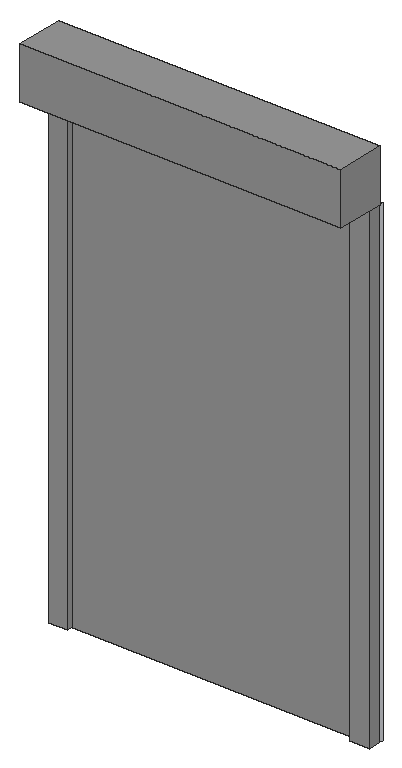
Revit family "Małkowski Martech_Brama_Marc-Ok EI60", category Drzwi, Revit 2019
Family settings
  Numer OmniClass = 23.30.10.00
  Tytuł OmniClass = Doors
  Oparty na płaszczyźnie roboczej = Nie
  Zawsze pionowo = Nie
  Tnij formami wycięć po wczytaniu = Nie
  Współdzielony = Nie
  Punkt obliczania pomieszczeń = Nie
Parameters (values of type "Kaseta wału do nadproża, lewa prowadnica korytarzowo, prawa prowadnica korytarzowo")
  Zespół osłon = "blacha stalowa 0,7mm"  # constant formula
  Wysokość parapetu [instance] = 80 mm
  Wysokość otworu w murze Ho [instance] = 3000 mm
  Wysokość otworu [instance] = if(Wysokość otworu w murze Ho < 100 mm, 100 mm, if(Wysokość otworu w murze Ho > 10000 mm, 10000 mm, Wysokość otworu w murze Ho))  # 3000 mm
  Wysokość kasety Hk [instance] = size_lookup("Marc OK EI60", if(Napęd OG, "EI60 Szerokość kasety SK Napęd grawitacyjny", "EI60 Szerokość kasety SK Napęd"), 0 mm - 25 mm, if(roundup(Szerokość otworu / 500 mm - 1) * 1 mm = 0 mm, 1 mm, roundup(Szerokość otworu / 500 mm - 1) * 1 mm), if(roundup(Wysokość otworu / 250 mm - 3) * 1 mm = 0 mm, 1 mm, roundup(Wysokość otworu / 250 mm - 3) * 1 mm)) + 25 mm  # 325 mm
  Wysokość kasety [instance] = if(Kaseta wału montowana do stropu, Wysokość otworu - Wysokość kasety Hk, Wysokość otworu)  # 3000 mm
  Height = 0 mm
  Wymiar prowadnicy [instance] = if(and(Szerokość otworu > 6000 mm, Wysokość otworu > 2000 mm), 140 mm, 120 mm)  # 120 mm
  Wspornik wału = "blacha stalowa ocynkowana 4,0mm"  # constant formula
  Wał nawojowy = "rura stalowa okrągła, średnica zależna od wymiarów kurtyny"  # constant formula
  Użyteczna wysokość otworu [instance] = if(Kaseta wału montowana do stropu, Wysokość otworu - Wysokość kasety Hk, Wysokość otworu)  # 3000 mm
  Użyteczna szerokość otworu [instance] = if(and(Lewa prowadnica montowana korytarzowo, Prawa prowadnica montowana korytarzowo), Szerokość otworu - 2 * Wymiar prowadnicy, if(or(Lewa prowadnica montowana korytarzowo, Prawa prowadnica montowana korytarzowo), Szerokość otworu - Wymiar prowadnicy, Szerokość otworu))  # 1760 mm
  Typ napędu (Kod) [instance] = size_lookup("Marc OK EI60", if(Napęd OG, "EI60 Napęd grawitacyjny funkcja", "EI60 Napęd funkcja"), "Podane wymiary otworu nie są kompatybilne z kartą katalogową.", if(roundup(Szerokość otworu / 500 mm - 1) * 1 mm = 0 mm, 1 mm, roundup(Szerokość otworu / 500 mm - 1) * 1 mm), if(roundup(Wysokość otworu / 250 mm - 3) * 1 mm = 0 mm, 1 mm, roundup(Wysokość otworu / 250 mm - 3) * 1 mm))  # "W"
  Typ napędu [instance] = Napęd - opad grawitacyjny : Napęd - opad grawitacyjny
  URL = "https://www.malkowski.pl/pl/marc-ok-plus-bramy-kurtynowe"
  Typ budowy = "Kurtyna przeciwpożarowa"  # constant formula
  Szerokość otworu w murze So [instance] = 2000 mm
  Szerokość otworu [instance] = if(Napęd ON, if(Szerokość otworu w murze So < 601 mm, 601 mm, if(Szerokość otworu w murze So > 12000 mm, 12000 mm, Szerokość otworu w murze So)), if(Szerokość otworu w murze So < 750 mm, 750 mm, if(Szerokość otworu w murze So > 12000 mm, 12000 mm, Szerokość otworu w murze So)))  # 2000 mm
  Szerokość kasety Sk [instance] = size_lookup("Marc OK EI60", if(Napęd OG, "EI60 Szerokość kasety SK Napęd grawitacyjny", "EI60 Szerokość kasety SK Napęd"), 0 mm, if(roundup(Szerokość otworu / 500 mm - 1) * 1 mm = 0 mm, 1 mm, roundup(Szerokość otworu / 500 mm - 1) * 1 mm), if(roundup(Wysokość otworu / 250 mm - 3) * 1 mm = 0 mm, 1 mm, roundup(Wysokość otworu / 250 mm - 3) * 1 mm))  # 300 mm
  Sygnalizator [instance] = no
  Strona montażu napędu (Kod) [instance] = if(Montaż L, "L", "P")  # "L"
  Strona montażu napędu [instance] = Montaż z lewej : Montaż z lewej
  Płaszcz kurtyny = "elastyczny, 3-warstwowy płaszcz, grubość 10mm, kolor szary"  # constant formula
  Przełącznk kluczykowy z sygnalizacją [instance] = no
  Prowadnica = "wnętrze blacha stalowa ocynkowana 1,5-2,0mm, maskownica blacha 0,7mm"  # constant formula
  Producent = "Małkowski - Martech S.A."  # constant formula
  Prawa prowadnica montowana naściennie = no
  Prawa prowadnica montowana korytarzowo = yes
  Poziome odsunięcie prowadnicy lewej [instance] = if(Lewa prowadnica montowana korytarzowo, 0 mm, Wymiar prowadnicy)  # 0 mm
  Poziome odsunięcie prowadnicy prawej [instance] = if(Prawa prowadnica montowana korytarzowo, 0 mm, Wymiar prowadnicy)  # 0 mm
  Pole serwisowe [instance] = no
  Parapet [instance] = no
  Keynote = ""  # constant formula
  Okapnik [instance] = no
  Odporność ogniowa = "EI60"  # constant formula
  Obraz typu = 062-700x600-px-scale-730-547.jpg
  Napęd xON [instance] = Napęd - opad grawitacyjny : Napęd - opad grawitacyjny
  Napęd xOG [instance] = Napęd - opad grawitacyjny : Napęd - opad grawitacyjny
  Napęd ON [instance] = Typ napędu = Napęd xON  # yes
  Napęd OG [instance] = Typ napędu = Napęd xOG  # yes
  Montaż xP [instance] = Montaż z lewej : Montaż z lewej
  Montaż xL [instance] = Montaż z lewej : Montaż z lewej
  Montaż prawej prowadnicy = " "  # constant formula
  Montaż napędu z prawej = yes
  Montaż napędu z lewej = yes
  Montaż lewej prowadnicy = " "  # constant formula
  Montaż kasety wału = " "  # constant formula
  Montaż P [instance] = Strona montażu napędu = Montaż xP  # yes
  Montaż L [instance] = Strona montażu napędu = Montaż xL  # yes
  Model = "OK 60 - N - KK"
  Materiał prowadnicy [instance] = Małkowski-Martech_Szary
  Materiał kasety [instance] = Małkowski-Martech_Szary
  Lewa prowadnica montowana naściennie = no
  Lewa prowadnica montowana korytarzowo = yes
  Komentarz do konfiguracji [instance] = if(or(or(Wysokość otworu w murze Ho < 100 mm, Wysokość otworu w murze Ho > 10000 mm), and(Napęd ON, or(Szerokość otworu w murze So < 601 mm, Szerokość otworu w murze So > 12000 mm)), and(Napęd OG, or(Szerokość otworu w murze So < 750 mm, Szerokość otworu w murze So > 12000 mm))), "Podane wymiary otworu nie są kompatybilne z kartą katalogową", "Wprowadzono poprawne wymiary")  # "Wprowadzono poprawne wymiary"
  Klasa trwałości [instance] = C2 (10000-50000) : C2 (10000-50000)
  Klasa odporności na obciążenie wiatrem [instance] = Klasa 2 : Klasa 2
  Kaseta wału montowana do stropu = no
  Kaseta wału montowana do nadproża = yes
  IfcExportAs = "IfcDoor"  # constant formula
  Głębokość prowadnicy [instance] = 80 mm  # constant formula
  Głębokość prawej prowadnicy [instance] = if(Prawa prowadnica montowana korytarzowo, 40 mm, 20 mm)  # 40 mm
  Głębokość lewej prowadnicy [instance] = if(Lewa prowadnica montowana korytarzowo, 40 mm, 20 mm)  # 40 mm
  Grubość ściany [instance] = 300 mm
  Zakończenie ściany = Wg obiektu nadrzędnego
  Szerokosć kurtyny [instance] = if(and(Lewa prowadnica montowana korytarzowo, Prawa prowadnica montowana korytarzowo), Szerokość otworu - 2 mm * 30, if(or(Lewa prowadnica montowana korytarzowo, Prawa prowadnica montowana korytarzowo), Szerokość otworu - 30 mm + Wymiar prowadnicy - 30 mm, Szerokość otworu + (2 * Wymiar prowadnicy - 30 mm)))  # 1940 mm
  Dedykowany napęd elektryczny VIC [instance] = size_lookup("Marc OK EI60", if(Napęd OG, "EI60 Napęd grawitacyjny", "EI60 Napęd"), "Podane wymiary otworu nie są kompatybilne z kartą katalogową", if(roundup(Szerokość otworu / 500 mm - 1) * 1 mm = 0 mm, 1 mm, roundup(Szerokość otworu / 500 mm - 1) * 1 mm), if(roundup(Wysokość otworu / 250 mm - 3) * 1 mm = 0 mm, 1 mm, roundup(Wysokość otworu / 250 mm - 3) * 1 mm))  # "VIC-0122 [230V AC, 1.2A, 265W]"
  Czujnik wewnętrzny [instance] = no
  Centralna sygnalizacja pożaru [instance] = no
Types (8, lengths in mm): name | Wysokość kasety | Użyteczna wysokość otworu | Użyteczna szerokość otworu | Szerokość otworu w murze So | Szerokość otworu | Prawa prowadnica montowana naściennie | Prawa prowadnica montowana korytarzowo | Poziome odsunięcie prowadnicy lewej | Poziome odsunięcie prowadnicy prawej | Model | Lewa prowadnica montowana naściennie | Lewa prowadnica montowana korytarzowo | Klasa odporności na obciążenie wiatrem | Kaseta wału montowana do stropu | Kaseta wału montowana do nadproża | Głębokość prawej prowadnicy | Głębokość lewej prowadnicy | Szerokosć kurtyny
  Kaseta wału do nadproża, lewa prowadnica naściennie, prawa prowadnica naściennie | 3000 | 3000 | 3000 | 3000 | 3000 | yes | no | 120 | 120 | "OK 60 - N - NN" | yes | no | Klasa 2 : Klasa 2 | no | yes | 20 | 20 | 3210
  Kaseta wału do nadproża, lewa prowadnica naściennie, prawa prowadnica korytarzowo | 3000 | 3000 | 2880 | 3000 | 3000 | no | yes | 120 | 0 | "OK 60 - N - NK" | yes | no | Klasa 2 : Klasa 2 | no | yes | 40 | 20 | 3060
  Kaseta wału do nadproża, lewa prowadnica korytarzowo, prawa prowadnica korytarzowo | 3000 | 3000 | 1760 | 2000 | 2000 | no | yes | 0 | 0 | "OK 60 - N - KK" | no | yes | Klasa 2 : Klasa 2 | no | yes | 40 | 40 | 1940
  Kaseta wału do nadproża, lewa prowadnica korytarzowo, prawa prowadnica naściennie | 3000 | 3000 | 2880 | 3000 | 3000 | yes | no | 0 | 120 | "OK 60 - N - KN" | no | yes | Klasa 2 : Klasa 2 | no | yes | 20 | 40 | 3060
  Kaseta wału do stropu, lewa prowadnica naściennie, prawa prowadnica naściennie | 2675 | 2675 | 3000 | 3000 | 3000 | yes | no | 120 | 120 | "OK 60 - S - NN" | yes | no | Klasa 2 : Klasa 2 | yes | no | 20 | 20 | 3210
  Kaseta wału do stropu, lewa prowadnica naściennie, prawa prowadnica korytarzowo | 2675 | 2675 | 2880 | 3000 | 3000 | no | yes | 120 | 0 | "OK 60 - S - NK" | yes | no | Klasa 2 : Klasa 2 | yes | no | 40 | 20 | 3060
  Kaseta wału do stropu, lewa prowadnica korytarzowo, prawa prowadnica korytarzowo | 2675 | 2675 | 2760 | 3000 | 3000 | no | yes | 0 | 0 | "OK 60 - S - KK" | no | yes | Klasa 2 : Klasa 2 | yes | no | 40 | 40 | 2940
  Kaseta wału do stropu, lewa prowadnica korytarzowo, prawa prowadnica naściennie | 2675 | 2675 | 2880 | 3000 | 3000 | yes | no | 0 | 120 | "OK 60 - S - KN" | no | yes | Klasa 1 : Klasa 1 | yes | no | 20 | 40 | 3060
Reference planes
  plane 1: y = -150
  plane 2 "Środek (Lewa/Prawa)": x = 0
  plane 3 "Lewa": x = -1000
  plane 4 "Prawa": x = 1000
  plane 5 "Góra otworu w murze": z = 3000
  plane 6 "Zewnętrzna": y = 0
  plane 7 "Wewnętrzna": y = -300
  plane 8 "Lewa prowadnica": x = -1000
  plane 9: y = -300
  plane 10 "Lewa prowadnica prawy bok": x = -880
  plane 11: x = -970
  plane 12 "Prawa prowadnica": x = 1000
  plane 13 "Prawa prowadnica lewy bok": x = 880
  plane 14: x = 970
  plane 15: y = -80
  plane 16: y = 0
  plane 17 "Spód kasety": z = 3000
  plane 18 "Góra kasety": z = 3325
  plane 19: y = -34
  plane 20: x = 915
  plane 21: x = -915
  plane 22: y = 20
  plane 23 "2": z = 3162.5
  plane 24: y = -150
  plane 25 "Środek obrotu": x = 0
  plane 26: y = -600
  plane 27: z = 2975
  plane 28 "Podstawa parapetu": z = -80
  plane 29: y = -300
Forms (mm)
  Extrusion 1, solid, material "Małkowski-Martech_Szary" <- "Materiał kasety"
    sketch origin (0, 0, 0) x (0, 1, 0) y (0, 0, 1)
      loop
        line (-300, 3325) -> (-300, 3000) -> (0, 3000) -> (0, 3325) -> (-300, 3325)
    from -1000 to 1000
  Extrusion 2, solid, visible <- "Lewa prowadnica montowana korytarzowo"
    sketch origin (0, 0, 0) x (1, 0, 0) y (0, 1, 0)
      loop
        line (-1000, 20) -> (-1000, 0) -> (-880, 0) -> (-880, 20) -> (-1000, 20)
    from 0 to 3000 <- "Wysokość kasety"
  Extrusion 3, solid, visible <- "Prawa prowadnica montowana korytarzowo"
    sketch origin (0, 0, 0) x (-1, 0, 0) y (0, -1, 0)
      loop
        line (-1000, -20) -> (-880, -20) -> (-880, 0) -> (-1000, 0) -> (-1000, -20)
    from 0 to 3000 <- "Wysokość kasety"
  Extrusion 4, solid, material "Tekstura ścienna, skórka pomarańczowa", visible <- "Kaseta wału montowana do stropu"
    sketch origin (0, 440, 0) x (0, 1, 0) y (0, 0, 1)
      loop
        line (-440, 3325) -> (-440, 3000) -> (-420, 3000) -> (-420, 3325) -> (-440, 3325)
    from -1000 to 1000
  Extrusion 5, solid, material "Małkowski-Martech_Szary" <- "Materiał prowadnicy"
    sketch origin (0, 0, 0) x (1, 0, 0) y (0, 1, 0)
      loop
        line (-880, 0) -> (-1000, 0) -> (-1000, -80) -> (-880, -80) -> (-880, -45) -> (-970, -45) -> (-970, -34) -> (-880, -34) -> (-880, 0)
      loop
        line (880, 0) -> (880, -34) -> (970, -34) -> (970, -45) -> (880, -45) -> (880, -80) -> (1000, -80) -> (1000, 0) -> (880, 0)
    from 0 to 3000 <- "Wysokość kasety"
  Sweep 6, solid, visible <- "Okapnik", detail levels medium+fine
    path origin (0, 0, 0) x (1, 0, 0) y (0, 1, 0)
      loop
        line (-1000, 0) -> (1000, 0)
    profile origin (0, 0, 0) x (0, 1, 0) y (0, 0, 1)
      loop
        line (-307, 3325) -> (-320, 3311) -> (-300, 3311) -> (-300, 3325) -> (0, 3325) -> (0, 3358.469) -> (-307, 3345) -> (-307, 3325)
  Extrusion 7, solid, material "Małkowski-Martech_Pole serwisowe", visible <- "Pole serwisowe", detail levels medium+fine
    sketch origin (0, 0, 0) x (0, 1, 0) y (0, 0, 1)
      loop
        line (-600, 3325) -> (-600, 2975) -> (-80, 2975) -> (-80, 3000) -> (-300, 3000) -> (-300, 3325) -> (-600, 3325)
    from -1000 to 1000
  Extrusion 8, solid, visible <- "Parapet"
    sketch origin (0, 0, -80) x (-1, 0, 0) y (0, -1, 0)
      loop
        line (1000, 0) -> (1000, 80) -> (-1000, 80) -> (-1000, 0) -> (1000, 0)
    from 0 to 80
Lines and regions (mm)
  symbolic lines
    curve 1: line (1000, -300, 0) -> (-1000, -300, 0)
    curve 2: line (1000, 0, 0) -> (1000, -300, 0)
    curve 3: line (-1000, -300, -80) -> (-1000, -600, -80)
    curve 4: line (-1000, -600, -80) -> (1000, -600, -80)
    curve 5: line (1000, -600, -80) -> (1000, -300, -80)
    curve 6: line (-1000, 0, 0) -> (-1000, -300, 0)
Text (mm)
  text "Zewnętrzne" at (-2295.016, 1099.543, 0), in view "Poziom odniesienia"
  text "Zewnętrzne" at (0, 1615.38, 3698.081), in view "Lewa"
  text "Zewnętrzne" at (0, 1036.032, 3874.932), in view "Prawa"
Dimensions and locks
  equal spacing: plane 3 "Lewa", plane 2 "Środek (Lewa/Prawa)", plane 4 "Prawa"
  "Szerokość otworu": plane 3 "Lewa" to plane 4 "Prawa"
  plane 3 "Lewa" to plane 4 "Prawa" = 2000 mm
  locked: plane 8 "Lewa prowadnica" to plane 11 at 30
  "Wymiar prowadnicy": plane 8 "Lewa prowadnica" to plane 10 "Lewa prowadnica prawy bok"
  "Poziome odsunięcie prowadnicy lewej": plane 8 "Lewa prowadnica" to plane 3 "Lewa"
  locked: plane 12 "Prawa prowadnica" to plane 14 at 30
  "Wymiar prowadnicy": plane 12 "Prawa prowadnica" to plane 13 "Prawa prowadnica lewy bok"
  "Poziome odsunięcie prowadnicy prawej": plane 4 "Prawa" to plane 12 "Prawa prowadnica"
  "Głębokość prowadnicy": plane 16 to plane 15
  plane 16 to plane 6 "Zewnętrzna" = 0 mm
  "Wysokość kasety Hk": plane 17 "Spód kasety" to plane 18 "Góra kasety"
  "Wysokość kasety": plane 17 "Spód kasety" to level
  locked: plane 19 to plane 15 at 46
  locked: plane 21 to plane 10 "Lewa prowadnica prawy bok" at 35
  locked: plane 13 "Prawa prowadnica lewy bok" to plane 20 at 35
  locked: plane 22 to plane 16 at 20
  "Szerokość kasety Sk": plane 9 to plane 16
  locked: Sweep 6 sketch curve to Sweep 6 sketch curve at 20  (x2)
  locked: Sweep 6 sketch curve to Sweep 6 sketch curve at 19.105
  equal spacing: plane 18 "Góra kasety", plane 23 "2", plane 17 "Spód kasety"
  equal spacing: plane 9, plane 24, plane 16
  equal spacing: plane 8 "Lewa prowadnica", plane 25 "Środek obrotu", plane 12 "Prawa prowadnica"
  "Szerokość kasety Sk": plane 26 to plane 9
  plane 27 to plane 17 "Spód kasety" = 25 mm
  "Wysokość parapetu": level to plane 28 "Podstawa parapetu"
  aligned and locked: Extrusion 1 sketch curve to plane 9
  aligned and locked: Extrusion 1 to plane 8 "Lewa prowadnica"
  aligned and locked: plane 15 to nested 1
  aligned and locked: nested 2 to plane 15
  aligned and locked: plane 8 "Lewa prowadnica" to nested 1
  aligned and locked: nested 2 to plane 12 "Prawa prowadnica"
  aligned and locked: Extrusion 1 sketch curve to plane 18 "Góra kasety"
  aligned and locked: Extrusion 1 sketch curve to plane 17 "Spód kasety"
  aligned and locked: Extrusion 2 sketch curve to plane 10 "Lewa prowadnica prawy bok"
  aligned and locked: plane 8 "Lewa prowadnica" to Extrusion 2 sketch curve
  aligned and locked: plane 16 to Extrusion 2 sketch curve
  aligned and locked: Extrusion 2 sketch curve to plane 22
  aligned and locked: Extrusion 3 sketch curve to plane 16
  aligned and locked: plane 22 to Extrusion 3 sketch curve
  aligned and locked: Extrusion 3 sketch curve to plane 12 "Prawa prowadnica"
  aligned and locked: Extrusion 3 sketch curve to plane 13 "Prawa prowadnica lewy bok"
  aligned and locked: Extrusion 4 sketch curve to plane 18 "Góra kasety"
  aligned and locked: Extrusion 4 sketch curve to plane 17 "Spód kasety"
  aligned and locked: plane 16 to Extrusion 4 sketch curve
  aligned and locked: plane 22 to Extrusion 4 sketch curve
  aligned and locked: plane 3 "Lewa" to Extrusion 4
  aligned and locked: Extrusion 4 to plane 4 "Prawa"
  aligned and locked: plane 11 to Extrusion 5 sketch curve
  aligned and locked: Extrusion 5 sketch curve to plane 10 "Lewa prowadnica prawy bok"  (x2)
  aligned and locked: plane 15 to Extrusion 5 sketch curve
  aligned and locked: Extrusion 5 sketch curve to plane 16
  aligned and locked: plane 8 "Lewa prowadnica" to Extrusion 5 sketch curve
  aligned and locked: plane 13 "Prawa prowadnica lewy bok" to Extrusion 5 sketch curve
  aligned and locked: Extrusion 5 sketch curve to plane 13 "Prawa prowadnica lewy bok"
  aligned and locked: plane 16 to Extrusion 5 sketch curve
  aligned and locked: Extrusion 5 sketch curve to plane 15
  aligned and locked: Extrusion 5 sketch curve to plane 12 "Prawa prowadnica"
  aligned and locked: Extrusion 5 sketch curve to plane 14
  aligned and locked: Extrusion 1 to plane 12 "Prawa prowadnica"
  aligned and locked: Sweep 6 sketch curve to plane 16  (x2)
  aligned and locked: plane 8 "Lewa prowadnica" to Sweep 6 sketch curve
  aligned and locked: plane 12 "Prawa prowadnica" to Sweep 6 sketch curve
  aligned and locked: Sweep 6 sketch curve to plane 9
  aligned and locked: Sweep 6 sketch curve to plane 18 "Góra kasety"
  aligned and locked: plane 23 "2" to nested 3
  aligned and locked: plane 25 "Środek obrotu" to nested 3
  aligned and locked: plane 27 to Extrusion 7 sketch curve
  aligned and locked: plane 9 to Extrusion 7 sketch curve
  aligned and locked: plane 26 to Extrusion 7 sketch curve
  aligned and locked: Extrusion 7 sketch curve to plane 18 "Góra kasety"
  aligned and locked: Extrusion 7 to plane 12 "Prawa prowadnica"
  aligned and locked: Extrusion 7 to plane 8 "Lewa prowadnica"
  aligned and locked: Extrusion 7 sketch curve to plane 15
  aligned and locked: plane 17 "Spód kasety" to Extrusion 7 sketch curve
  aligned and locked: plane 12 "Prawa prowadnica" to Extrusion 8 sketch curve
  aligned and locked: plane 8 "Lewa prowadnica" to Extrusion 8 sketch curve
  aligned and locked: plane 15 to Extrusion 8 sketch curve
  aligned and locked: Extrusion 8 sketch curve to plane 16
  aligned and locked: level to Extrusion 8
  aligned and locked: plane 12 "Prawa prowadnica" to curve 1
  aligned and locked: plane 16 to curve 2
  aligned and locked: plane 9 to curve 2
  aligned and locked: plane 12 "Prawa prowadnica" to curve 2
  aligned and locked: curve 6 to plane 8 "Lewa prowadnica"
  aligned and locked: curve 3 to plane 8 "Lewa prowadnica"
  aligned and locked: Extrusion 5 to plane 14
  aligned and locked: nested 4 to plane 19
  aligned and locked: plane 19 to nested 4
  aligned and locked: nested 4 to plane 11
Automatic sketch dimensions
  Extrusion 1 sketch curve to plane 16 = 0 mm
  Sweep 6 sketch curve to Sweep 6 sketch curve = 7 mm
  Sweep 6 sketch curve to Sweep 6 sketch curve = 33.469 mm
  Sweep 6 sketch curve to Sweep 6 sketch curve = 0 mm
  Extrusion 5 sketch curve to plane 19 = 0 mm
  Extrusion 5 sketch curve to plane 19 = 11 mm
  Extrusion 5 sketch curve to Extrusion 5 sketch curve = 11 mm
  plane 19 to Extrusion 5 sketch curve = 0 mm
  plane 6 "Zewnętrzna" to curve 6 = 0 mm
  curve 5 to plane 12 "Prawa prowadnica" = 0 mm
  plane 7 "Wewnętrzna" to curve 5 = 0 mm
  plane 7 "Wewnętrzna" to curve 3 = 0 mm
  curve 4 to plane 26 = 0 mm
Nested families
  nested 1: "Detal - rzut - Prowadnica" at (-1000, -36.293, 0), type "Rodzina1", not visible, detail levels fine
    with Wymiar prowadnicy 120 mm, So r 3240 mm, So 3000 mm
  nested 2: "Detal - rzut - Prowadnica" at (1000, -36.293, 0) x (-1, 0, 0) z (0, 0, 1), type "Rodzina1", not visible, detail levels fine
    with Wymiar prowadnicy 120 mm, So r 3240 mm, So 3000 mm
  nested 3: "Montaż" at (0, -175, 3162.5), Szerokość <- "Szerokość otworu", Długość podana <- "Szerokość otworu", Montaż L <- "Montaż L", Montaż P <- "Montaż P", type "Montaż", detail levels coarse
    with Szerokość 2000 mm, Montaż P yes, Montaż L yes, Kąt 0.00°, Długość podana 2000 mm, Długość 1060 mm
  nested 4: "Drzwi kurtynowe bh" at (565, -34, 0), Wysokość kurtyny <- "Wysokość kasety", Szerokość kurtyny <- "Szerokosć kurtyny", type "Drzwi kurtynowe bh"
    with Wysokość kurtyny 3000 mm, Szerokość kurtyny 1940 mm
Connectors
  electrical at (1060, -175, 3162.5)
    settings: on nested 3, index 1, voltage 0 V, apparent load 0 VA, apparent load phase1 0 VA, apparent load phase2 0 VA, apparent load phase3 0 VA, power factor 1, load classification "Inne", number of poles 1, system type 31, power factor state 1, is connector primary yes, connector utility no, sub classification motor no, connector description ""
Definition of nested family "Drzwi kurtynowe bh"
  Parameters (values of type "Drzwi kurtynowe bh")
    Wysokość kurtyny [instance] = 3000 mm
    Szerokość kurtyny [instance] = 3070 mm
    Default Elevation = 1219.2 mm
  Reference planes
    plane 1 "Środek (Przód/Tył)": y = 0
    plane 2: z = 0
    plane 3 "Środek (Lewa/Prawa)": x = 0
    plane 4: x = -1535
    plane 5: x = 1535
  Forms (mm)
    Extrusion 1, solid, detail levels fine
      sketch origin (0, -30, 0) x (1, 0, 0) y (0, 1, 0)
        loop
          line (-1535, 19) -> (1535, 19) -> (1535, 30) -> (-1535, 30) -> (-1535, 19)
      from 0 to 3000 <- "Wysokość kurtyny"
    Extrusion 2, solid, detail levels coarse+medium
      sketch origin (0, -30, 0) x (1, 0, 0) y (0, 1, 0)
        loop
          line (-1535, 19) -> (1535, 19) -> (1535, 30) -> (-1535, 30) -> (-1535, 19)
      from 0 to 3000 <- "Wysokość kurtyny"
  Dimensions and locks
    locked: Extrusion 1 sketch curve to Extrusion 1 sketch curve at 11
    "Szerokość kurtyny": plane 4 to plane 5
    locked: Extrusion 2 sketch curve to Extrusion 2 sketch curve at 11
    aligned and locked: level to plane 2
    aligned and locked: plane 4 to Extrusion 1 sketch curve
    aligned and locked: Extrusion 1 sketch curve to plane 5
  Automatic sketch dimensions
    plane 1 "Środek (Przód/Tył)" to Extrusion 1 sketch curve = 0 mm
    plane 1 "Środek (Przód/Tył)" to Extrusion 2 sketch curve = 0 mm
    Extrusion 2 sketch curve to plane 4 = 0 mm
    Extrusion 2 sketch curve to plane 5 = 0 mm
Definition of nested family "Detal - rzut - Prowadnica"
  Parameters (values of type "Rodzina1")
    Wymiar prowadnicy [instance] = 120 mm
    So r [instance] = So + Wymiar prowadnicy * 2  # 1740 mm
    So [instance] = 1500 mm
  Reference planes
    plane 1 "Środek (Przód/Tył)": y = 0
    plane 2: z = 0
    plane 3 "Środek (Lewa/Prawa)": x = 0
    plane 4: x = 0
    plane 5: y = -43.707
    plane 6: x = 120
  Lines and regions (mm)
    model lines, in view "Poziom odniesienia"
      curve 1: line (121.101, -8.707, 0) -> (111.495, -8.707, 0)
      curve 2: line (121.101, 1.293, 0) -> (112.078, 1.293, 0)
      curve 3: line (121.101, -9.207, 0) -> (111.495, -9.207, 0)
      curve 4: line (121.101, 1.793, 0) -> (112.078, 1.793, 0)
      curve 5: arc (70.7, 5.793, 0) -> (70.554, 6.147, 0) -> (70.2, 6.293, 0) r 0.5
      curve 6: arc (72.2, 5.793, 0) -> (71.614, 7.207, 0) -> (70.2, 7.793, 0) r 2
      curve 7: arc (3.7, 34.293, 0) -> (2.993, 34, 0) -> (2.7, 33.293, 0) r 1
      curve 8: arc (3.7, 36.293, 0) -> (1.579, 35.414, 0) -> (0.7, 33.293, 0) r 3
      curve 9: arc (114, 18.293, 0) -> (114.354, 18.439, 0) -> (114.5, 18.793, 0) r 0.5
      curve 10: arc (114, 16.793, 0) -> (115.414, 17.379, 0) -> (116, 18.793, 0) r 2
      curve 11: arc (70.2, 18.793, 0) -> (70.346, 18.439, 0) -> (70.7, 18.293, 0) r 0.5
      curve 12: arc (68.7, 18.793, 0) -> (69.286, 17.379, 0) -> (70.7, 16.793, 0) r 2
      curve 13: arc (68.7, 31.793, 0) -> (68.407, 32.5, 0) -> (67.7, 32.793, 0) r 1
      curve 14: arc (70.2, 31.793, 0) -> (69.468, 33.561, 0) -> (67.7, 34.293, 0) r 2.5
      curve 15: arc (23.2, -22.707, 0) -> (23.346, -23.061, 0) -> (23.7, -23.207, 0) r 0.5
      curve 16: arc (21.7, -22.707, 0) -> (22.286, -24.121, 0) -> (23.7, -24.707, 0) r 2
      curve 17: arc (21.7, 30.793, 0) -> (21.554, 31.147, 0) -> (21.2, 31.293, 0) r 0.5
      curve 18: arc (23.2, 30.793, 0) -> (22.614, 32.207, 0) -> (21.2, 32.793, 0) r 2
      curve 19: arc (24.7, 8.293, 0) -> (24.846, 7.939, 0) -> (25.2, 7.793, 0) r 0.5
      curve 20: arc (23.2, 8.293, 0) -> (23.786, 6.879, 0) -> (25.2, 6.293, 0) r 2
      curve 21: arc (69.2, -12.707, 0) -> (70.7, -14.207, 0) -> (72.2, -12.707, 0) r 1.5
      curve 22: arc (25.2, 31.293, 0) -> (24.846, 31.147, 0) -> (24.7, 30.793, 0) r 0.5
      curve 23: arc (25.2, 32.793, 0) -> (23.786, 32.207, 0) -> (23.2, 30.793, 0) r 2
      curve 24: arc (114.2, -25.207, 0) -> (114.054, -24.853, 0) -> (113.7, -24.707, 0) r 0.5
      curve 25: arc (115.7, -25.207, 0) -> (115.114, -23.793, 0) -> (113.7, -23.207, 0) r 2
      curve 26: line (56.968, -39.707, 0) -> (48.348, -24.707, 0)
      curve 27: circle (41.7, -33.457, 0) r 4.25 normal (0, 0, 1)
      curve 28: arc (3.7, 34.293, 0) -> (2.993, 34, 0) -> (2.7, 33.293, 0) r 1
      curve 29: arc (3.7, 36.293, 0) -> (1.579, 35.414, 0) -> (0.7, 33.293, 0) r 3
      curve 30: arc (68.7, 31.793, 0) -> (68.407, 32.5, 0) -> (67.7, 32.793, 0) r 1
      curve 31: arc (70.2, 31.793, 0) -> (69.468, 33.561, 0) -> (67.7, 34.293, 0) r 2.5
      curve 32: arc (21.7, 30.793, 0) -> (21.554, 31.147, 0) -> (21.2, 31.293, 0) r 0.5
      curve 33: arc (23.2, 30.793, 0) -> (22.614, 32.207, 0) -> (21.2, 32.793, 0) r 2
      curve 34: arc (118, 33.293, 0) -> (117.816, 33.871, 0) -> (117.333, 34.236, 0) r 1
      curve 35: arc (120, 33.293, 0) -> (119.121, 35.414, 0) -> (117, 36.293, 0) r 3
      curve 36: arc (25.2, 31.293, 0) -> (24.846, 31.147, 0) -> (24.7, 30.793, 0) r 0.5
      curve 37: arc (25.2, 32.793, 0) -> (23.786, 32.207, 0) -> (23.2, 30.793, 0) r 2
      curve 38: arc (111.495, -9.207, 0) -> (109.713, -9.313, 0) -> (107.955, -9.631, 0) r 15
      curve 39: arc (111.495, -8.707, 0) -> (109.653, -8.817, 0) -> (107.837, -9.145, 0) r 15.5
      curve 40: arc (107.581, 2.483, 0) -> (109.803, 1.967, 0) -> (112.078, 1.793, 0) r 15
      curve 41: arc (107.431, 2.006, 0) -> (109.728, 1.472, 0) -> (112.078, 1.293, 0) r 15.5
      curve 42: arc (61.143, -17.996, 0) -> (61.855, -18.154, 0) -> (62.582, -18.207, 0) r 5
      curve 43: arc (60.855, -18.953, 0) -> (61.709, -19.143, 0) -> (62.582, -19.207, 0) r 6
      curve 44: arc (57.404, -17.916, 0) -> (56.692, -17.758, 0) -> (55.965, -17.705, 0) r 5
      curve 45: arc (57.692, -16.959, 0) -> (56.838, -16.769, 0) -> (55.965, -16.705, 0) r 6
      curve 46: arc (72.845, -17.207, 0) -> (74.627, -17.101, 0) -> (76.385, -16.783, 0) r 15
      curve 47: arc (72.845, -17.707, 0) -> (74.687, -17.597, 0) -> (76.503, -17.269, 0) r 15.5
      curve 48: arc (61.143, 12.004, 0) -> (61.855, 11.846, 0) -> (62.582, 11.793, 0) r 5
      curve 49: arc (60.855, 11.047, 0) -> (61.709, 10.857, 0) -> (62.582, 10.793, 0) r 6
      curve 50: arc (49.2, 14.293, 0) -> (49.95, 15.793, 0) -> (49.2, 17.293, 0) r 1.875
      curve 51: arc (40.2, 17.293, 0) -> (39.45, 15.793, 0) -> (40.2, 14.293, 0) r 1.875
      curve 52: arc (57.404, 12.084, 0) -> (56.692, 12.242, 0) -> (55.965, 12.295, 0) r 5
      curve 53: arc (57.692, 13.041, 0) -> (56.838, 13.231, 0) -> (55.965, 13.295, 0) r 6
      curve 54: arc (76.896, 11.603, 0) -> (74.673, 12.119, 0) -> (72.398, 12.293, 0) r 15
      curve 55: arc (77.046, 12.08, 0) -> (74.749, 12.614, 0) -> (72.398, 12.793, 0) r 15.5
      curve 56: arc (49.2, -15.707, 0) -> (49.95, -14.207, 0) -> (49.2, -12.707, 0) r 1.875
      curve 57: arc (40.2, -12.707, 0) -> (39.45, -14.207, 0) -> (40.2, -15.707, 0) r 1.875
      curve 58: line (16.731, 34.793, 0) -> (18.357, 36.293, 0)
      curve 59: line (7.043, 36.293, 0) -> (8.669, 34.793, 0)
      curve 60: arc (0.7, -42.317, 0) -> (0.865, -42.768, 0) -> (1.282, -43.007, 0) r 0.7
      curve 61: arc (0, -42.317, 0) -> (0.353, -43.246, 0) -> (1.233, -43.707, 0) r 1.4
      curve 62: arc (117.51, -43.007, 0) -> (118.005, -42.802, 0) -> (118.21, -42.307, 0) r 0.7
      curve 63: arc (118.91, -26.022, 0) -> (118.205, -25.317, 0) -> (117.5, -26.022, 0) r 0.705
      curve 64: arc (117.51, -43.707, 0) -> (118.5, -43.297, 0) -> (118.91, -42.307, 0) r 1.4
      curve 65: line (3.7, 36.293, 0) -> (117, 36.293, 0)
      curve 66: line (25.2, 7.793, 0) -> (70.2, 7.793, 0)
      curve 67: line (25.2, 6.293, 0) -> (70.2, 6.293, 0)
      curve 68: line (72.2, 5.793, 0) -> (72.2, -12.707, 0)
      curve 69: line (70.7, 5.793, 0) -> (70.7, -12.707, 0)
      curve 70: line (70.7, 2.793, 0) -> (69.2, 2.793, 0)
      curve 71: line (69.2, 2.793, 0) -> (69.2, -12.707, 0)
      curve 72: line (118, 33.293, 0) -> (118, 19.293, 0)
      curve 73: line (118, 19.293, 0) -> (120, 19.293, 0)
      curve 74: line (120, 19.293, 0) -> (120, 33.293, 0)
      curve 75: line (0.7, 22.293, 0) -> (2.7, 22.293, 0)
      curve 76: line (2.7, 22.293, 0) -> (2.7, 33.293, 0)
      curve 77: line (2.7, 33.293, 0) -> (2.7, 22.293, 0)
      curve 78: line (2.7, 22.293, 0) -> (0.7, 22.293, 0)
      curve 79: line (0.7, 22.293, 0) -> (0.7, 33.293, 0)
      curve 80: line (0.7, 33.293, 0) -> (0.7, 22.293, 0)
      curve 81: line (116, 18.793, 0) -> (116, 33.793, 0)
      curve 82: line (116, 33.793, 0) -> (114.5, 33.793, 0)
      curve 83: line (114.5, 33.793, 0) -> (116, 33.793, 0)
      curve 84: line (114, 16.793, 0) -> (70.7, 16.793, 0)
      curve 85: line (114.5, 33.793, 0) -> (114.5, 18.793, 0)
      curve 86: line (114, 18.293, 0) -> (70.7, 18.293, 0)
      curve 87: line (68.7, 18.793, 0) -> (68.7, 31.793, 0)
      curve 88: line (70.2, 18.793, 0) -> (70.2, 31.793, 0)
      curve 89: line (113.7, -23.207, 0) -> (23.7, -23.207, 0)
      curve 90: line (115.7, -25.207, 0) -> (115.7, -39.707, 0)
      curve 91: line (115.7, -39.707, 0) -> (114.2, -39.707, 0)
      curve 92: line (114.2, -39.707, 0) -> (114.2, -25.207, 0)
      curve 93: line (21.694, -24.707, 0) -> (113.7, -24.707, 0)
      curve 94: line (113.7, -24.707, 0) -> (23.7, -24.707, 0)
      curve 95: line (23.2, -22.707, 0) -> (23.2, 30.793, 0)
      curve 96: line (23.2, 30.793, 0) -> (23.2, 8.293, 0)
      curve 97: line (3.7, 31.293, 0) -> (21.2, 31.293, 0)
      curve 98: line (21.2, 31.293, 0) -> (3.7, 31.293, 0)
      curve 99: line (3.7, 31.293, 0) -> (3.7, 32.793, 0)
      curve 100: line (3.7, 32.793, 0) -> (21.2, 32.793, 0)
      curve 101: line (21.2, 32.793, 0) -> (3.7, 32.793, 0)
      curve 102: line (3.7, 32.793, 0) -> (3.7, 34.293, 0)
      curve 103: line (3.7, 34.293, 0) -> (67.7, 34.293, 0)
      curve 104: line (67.7, 34.293, 0) -> (3.7, 34.293, 0)
      curve 105: line (3.7, 34.293, 0) -> (3.7, 32.793, 0)
      curve 106: line (3.7, 32.793, 0) -> (67.7, 32.793, 0)
      curve 107: line (67.7, 32.793, 0) -> (3.7, 32.793, 0)
      curve 108: line (3.7, 32.793, 0) -> (3.7, 31.293, 0)
      curve 109: line (24.7, 8.293, 0) -> (24.7, 30.793, 0)
      curve 110: line (25.2, 31.293, 0) -> (43.2, 31.293, 0)
      curve 111: line (43.2, 31.293, 0) -> (43.2, 32.793, 0)
      curve 112: line (43.2, 32.793, 0) -> (24.7, 32.793, 0)
      curve 113: line (24.7, 32.793, 0) -> (43.2, 32.793, 0)
      curve 114: line (43.2, 32.793, 0) -> (43.2, 31.293, 0)
      curve 115: line (43.2, 31.293, 0) -> (25.2, 31.293, 0)
      curve 116: line (16.45, 31.293, 0) -> (16.45, 34.293, 0)
      curve 117: line (16.45, 34.293, 0) -> (16.45, 31.293, 0)
      curve 118: line (7.95, 31.293, 0) -> (7.95, 34.293, 0)
      curve 119: line (7.95, 34.293, 0) -> (7.95, 31.293, 0)
      curve 120: line (6.7, 29.793, 0) -> (21.7, 29.793, 0)
      curve 121: line (21.7, 29.793, 0) -> (6.7, 29.793, 0)
      curve 122: line (6.7, 29.793, 0) -> (6.7, -39.707, 0)
      curve 123: line (6.7, -39.707, 0) -> (21.646, -39.707, 0)
      curve 124: line (19.7, 24.293, 0) -> (21.7, 24.293, 0)
      curve 125: line (21.7, 24.293, 0) -> (19.7, 24.293, 0)
      curve 126: line (19.7, 24.293, 0) -> (19.7, 15.293, 0)
      curve 127: line (19.7, 15.293, 0) -> (21.7, 15.293, 0)
      curve 128: line (16.7, 36.293, 0) -> (16.7, 31.293, 0)
      curve 129: line (16.7, 31.293, 0) -> (16.7, 29.793, 0)
      curve 130: line (16.7, 29.793, 0) -> (16.7, 29.293, 0)
      curve 131: line (16.7, 29.293, 0) -> (7.7, 29.293, 0)
      curve 132: line (7.7, 29.293, 0) -> (7.7, 29.793, 0)
      curve 133: line (7.7, 29.793, 0) -> (7.7, 31.293, 0)
      curve 134: line (7.7, 31.293, 0) -> (7.7, 29.793, 0)
      curve 135: line (7.7, 29.793, 0) -> (7.7, 29.293, 0)
      curve 136: line (7.7, 29.293, 0) -> (16.7, 29.293, 0)
      curve 137: line (16.7, 29.293, 0) -> (16.7, 29.793, 0)
      curve 138: line (16.7, 29.793, 0) -> (16.7, 31.293, 0)
      curve 139: line (21.7, 23.793, 0) -> (24.7, 23.793, 0)
      curve 140: line (24.7, 23.793, 0) -> (21.7, 23.793, 0)
      curve 141: line (24.7, 15.793, 0) -> (21.7, 15.793, 0)
      curve 142: line (29.2, 19.793, 0) -> (19.2, 19.793, 0)
      curve 143: line (8.45, 36.293, 0) -> (8.45, 34.293, 0)
      curve 144: line (8.45, 34.293, 0) -> (8.45, 36.293, 0)
      curve 145: line (16.95, 36.293, 0) -> (16.95, 34.293, 0)
      curve 146: line (16.95, 34.293, 0) -> (16.95, 36.293, 0)
      curve 147: line (79.45, 36.293, 0) -> (79.45, 34.293, 0)
      curve 148: line (79.45, 34.293, 0) -> (79.45, 36.293, 0)
      curve 149: line (90.45, 36.293, 0) -> (90.45, 34.293, 0)
      curve 150: line (90.45, 34.293, 0) -> (90.45, 36.293, 0)
      curve 151: line (56.968, -39.707, 0) -> (21.646, -39.707, 0)
      curve 152: line (21.646, -39.707, 0) -> (21.7, -22.707, 0)
      curve 153: line (21.7, -22.707, 0) -> (21.7, 30.793, 0)
      curve 154: line (107.955, -9.631, 0) -> (76.503, -17.269, 0)
      curve 155: line (107.837, -9.145, 0) -> (76.385, -16.783, 0)
      curve 156: line (55.965, -17.705, 0) -> (34.7, -17.705, 0)
      curve 157: line (34.7, -17.705, 0) -> (34.7, -16.707, 0)
      curve 158: line (34.7, -16.707, 0) -> (74.7, -16.707, 0)
      curve 159: line (74.7, -16.707, 0) -> (74.7, -15.707, 0)
      curve 160: line (74.7, -15.707, 0) -> (34.7, -15.707, 0)
      curve 161: line (34.7, -15.707, 0) -> (34.7, -16.707, 0)
      curve 162: line (62.582, -19.207, 0) -> (74.7, -19.207, 0)
      curve 163: line (74.7, -19.207, 0) -> (74.7, -18.207, 0)
      curve 164: line (74.7, -18.207, 0) -> (62.582, -18.207, 0)
      curve 165: line (50.5, -17.705, 0) -> (50.7, -19.205, 0)
      curve 166: line (50.7, -19.205, 0) -> (38.7, -19.205, 0)
      curve 167: line (38.7, -19.205, 0) -> (38.9, -17.705, 0)
      curve 168: line (60.855, -18.953, 0) -> (57.404, -17.916, 0)
      curve 169: line (61.143, -17.996, 0) -> (57.692, -16.959, 0)
      curve 170: line (72.845, -17.207, 0) -> (60.7, -17.207, 0)
      curve 171: line (60.7, -17.207, 0) -> (60.7, -17.707, 0)
      curve 172: line (60.7, -17.707, 0) -> (72.845, -17.707, 0)
      curve 173: line (55.965, 12.295, 0) -> (34.7, 12.295, 0)
      curve 174: line (34.7, 12.295, 0) -> (34.7, 13.293, 0)
      curve 175: line (34.7, 13.293, 0) -> (74.7, 13.293, 0)
      curve 176: line (74.7, 13.293, 0) -> (74.7, 14.293, 0)
      curve 177: line (74.7, 14.293, 0) -> (34.7, 14.293, 0)
      curve 178: line (34.7, 14.293, 0) -> (34.7, 13.293, 0)
      curve 179: line (62.582, 10.793, 0) -> (74.7, 10.793, 0)
      curve 180: line (74.7, 10.793, 0) -> (74.7, 11.793, 0)
      curve 181: line (74.7, 11.793, 0) -> (62.582, 11.793, 0)
      curve 182: line (49.2, 28.795, 0) -> (48.2, 29.795, 0)
      curve 183: line (48.2, 29.795, 0) -> (41.2, 29.795, 0)
      curve 184: line (41.2, 29.795, 0) -> (40.2, 28.795, 0)
      curve 185: line (40.2, 28.795, 0) -> (49.2, 28.795, 0)
      curve 186: line (49.2, 28.795, 0) -> (49.2, 17.293, 0)
      curve 187: line (49.2, 17.293, 0) -> (40.2, 17.293, 0)
      curve 188: line (40.2, 17.293, 0) -> (40.2, 28.795, 0)
      curve 189: line (44.7, 31.795, 0) -> (44.7, 8.795, 0)
      curve 190: line (50.5, 12.295, 0) -> (50.7, 10.795, 0)
      curve 191: line (50.7, 10.795, 0) -> (38.7, 10.795, 0)
      curve 192: line (38.7, 10.795, 0) -> (38.9, 12.295, 0)
      curve 193: line (60.855, 11.047, 0) -> (57.404, 12.084, 0)
      curve 194: line (61.143, 12.004, 0) -> (57.692, 13.041, 0)
      curve 195: line (72.398, 12.793, 0) -> (60.7, 12.793, 0)
      curve 196: line (60.7, 12.793, 0) -> (60.7, 12.293, 0)
      curve 197: line (60.7, 12.293, 0) -> (72.398, 12.293, 0)
      curve 198: line (107.431, 2.006, 0) -> (76.896, 11.603, 0)
      curve 199: line (107.581, 2.483, 0) -> (77.046, 12.08, 0)
      curve 200: line (49.2, -1.205, 0) -> (48.2, -0.205, 0)
      curve 201: line (48.2, -0.205, 0) -> (41.2, -0.205, 0)
      curve 202: line (41.2, -0.205, 0) -> (40.2, -1.205, 0)
      curve 203: line (40.2, -1.205, 0) -> (40.2, -12.707, 0)
      curve 204: line (40.2, -12.707, 0) -> (49.2, -12.707, 0)
      curve 205: line (49.2, -12.707, 0) -> (49.2, -1.205, 0)
      curve 206: line (49.2, -1.205, 0) -> (40.2, -1.205, 0)
      curve 207: line (44.7, 1.795, 0) -> (44.7, -21.205, 0)
      curve 208: line (16.7, 32.793, 0) -> (20.7, 32.793, 0)
      curve 209: line (16.731, 34.293, 0) -> (16.731, 34.793, 0)
      curve 210: line (8.669, 34.793, 0) -> (8.669, 34.293, 0)
      curve 211: line (0, -42.317, 0) -> (0, 34.701, 0)
      curve 212: line (0.7, 35.401, 0) -> (0.7, -42.317, 0)
      curve 213: line (117.51, -43.707, 0) -> (1.233, -43.707, 0)
      curve 214: line (118.21, -42.307, 0) -> (118.21, -26.022, 0)
      curve 215: line (118.21, -26.022, 0) -> (118.21, -37.817, 0)
      curve 216: line (118.21, -37.817, 0) -> (117.5, -37.817, 0)
      curve 217: line (117.5, -37.817, 0) -> (117.5, -26.022, 0)
      curve 218: line (118.91, -26.022, 0) -> (118.91, -42.307, 0)
      curve 219: line (6.2, 27.093, 0) -> (19.2, 27.093, 0)
      curve 220: line (19.2, 31.293, 0) -> (19.2, 27.093, 0)
      curve 221: line (19.2, 27.093, 0) -> (18.4, 26.293, 0)
      curve 222: line (18.4, 26.293, 0) -> (7, 26.293, 0)
      curve 223: line (7, 26.293, 0) -> (6.2, 27.093, 0)
      curve 224: line (6.2, 27.093, 0) -> (6.2, 31.293, 0)
      curve 225: line (6.2, 31.293, 0) -> (19.2, 31.293, 0)
      curve 226: line (19.2, 31.293, 0) -> (20.7, 31.293, 0)
      curve 227: line (8.7, 31.293, 0) -> (8.7, 36.293, 0)
    detail lines, in view "Poziom odniesienia"
      curve 228: line (3.686, 34.236, 0) -> (117.333, 34.236, 0)
      curve 229: arc (0.7, 35.401, 0) -> (0.205, 35.196, 0) -> (0, 34.701, 0) r 0.7
      curve 230: line (117.51, -43.007, 0) -> (1.282, -43.007, 0)
  Dimensions and locks
    "Wymiar prowadnicy": plane 4 to plane 6
  Automatic sketch dimensions
    curve 5 to curve 6 = 0 mm  (x2)
    curve 7 to curve 8 = 0 mm  (x2)
    curve 9 to curve 10 = 0 mm  (x2)
    curve 11 to curve 12 = 0 mm  (x2)
    curve 13 to curve 14 = 0 mm  (x2)
    curve 15 to curve 16 = 0 mm  (x2)
    curve 17 to curve 18 = 0 mm  (x2)
    curve 17 to curve 33 = 0 mm
    curve 19 to curve 20 = 0 mm  (x2)
    curve 22 to curve 23 = 0 mm  (x2)
    curve 22 to curve 37 = 0 mm
    curve 24 to curve 25 = 0 mm  (x2)
    curve 34 to curve 35 = 0 mm  (x2)
    curve 38 to curve 39 = 0 mm  (x2)
    curve 40 to curve 41 = 0 mm  (x2)
    curve 42 to curve 43 = 0 mm  (x2)
    curve 44 to curve 45 = 0 mm  (x2)
    curve 46 to curve 47 = 0 mm  (x2)
    curve 48 to curve 49 = 0 mm  (x2)
    curve 52 to curve 53 = 0 mm  (x2)
    curve 54 to curve 55 = 0 mm  (x2)
    curve 60 to curve 61 = 0 mm  (x2)
    curve 62 to curve 64 = 0 mm  (x2)
    curve 211 to plane 4 = 0 mm
    curve 229 to plane 4 = 0 mm
    curve 213 to plane 5 = 0 mm
    curve 73 to plane 6 = 0 mm
    curve 75 to plane 4 = 0.7 mm
    curve 61 to curve 212 = 0.7 mm
    curve 211 to curve 229 = 0.7 mm
    curve 213 to plane 4 = 1.233 mm
    curve 60 to curve 61 = 0.7 mm
    curve 8 to curve 77 = 2 mm
    curve 28 to curve 98 = 1 mm
    curve 97 to curve 219 = 2.5 mm
    curve 60 to curve 122 = 5.3 mm
    curve 219 to curve 223 = 0.8 mm
    curve 120 to curve 136 = 1 mm
    curve 224 to curve 210 = 2.469 mm
    curve 131 to curve 137 = 9 mm
    curve 130 to curve 58 = 0.031 mm
    curve 130 to curve 222 = 1.7 mm
    curve 130 to curve 226 = 2.5 mm
    curve 221 to curve 124 = 1.3 mm
    curve 220 to curve 17 = 2 mm
    plane 5 to curve 152 = 4 mm
    curve 122 to curve 152 = 14.946 mm
    curve 17 to curve 153 = 0.5 mm
    curve 16 to curve 95 = 1.5 mm
    curve 15 to curve 16 = 0.5 mm
    curve 20 to curve 109 = 1.5 mm
    curve 22 to curve 36 = 0.5 mm
    curve 109 to curve 67 = 0.5 mm
    curve 15 to curve 157 = 11 mm
    curve 141 to curve 177 = 10 mm
    curve 192 to plane 1 "Środek (Przód/Tył)" = 10.795 mm
    curve 173 to curve 192 = 4 mm
    curve 156 to curve 166 = 4 mm
    curve 177 to curve 188 = 5.5 mm
    plane 1 "Środek (Przód/Tył)" to curve 203 = 1.205 mm
    curve 191 to curve 203 = 1.5 mm
    curve 184 to curve 184 = 1 mm  (x2)
    plane 1 "Środek (Przód/Tył)" to curve 201 = 0.205 mm
    curve 202 to curve 201 = 1 mm
    curve 187 to curve 51 = 1.125 mm
    curve 57 to curve 57 = 1.125 mm
    curve 166 to curve 27 = 3 mm
    curve 183 to curve 111 = 2 mm
    curve 51 to curve 50 = 6.75 mm
    curve 57 to curve 56 = 6.75 mm
    curve 110 to curve 182 = 5 mm
    curve 201 to curve 201 = 7 mm
    curve 56 to curve 205 = 1.125 mm
    curve 182 to curve 185 = 1 mm
    curve 56 to curve 166 = 2.625 mm
    curve 50 to curve 190 = 2.625 mm
    curve 165 to curve 45 = 5.265 mm
    curve 190 to curve 53 = 5.265 mm
    curve 27 to curve 26 = 15.268 mm
    curve 193 to plane 1 "Środek (Przód/Tył)" = 12.084 mm
    curve 52 to curve 193 = 1.439 mm
    plane 1 "Środek (Przód/Tył)" to curve 168 = 17.916 mm
    curve 44 to curve 168 = 1.439 mm
    curve 194 to plane 1 "Środek (Przód/Tył)" = 13.041 mm
    curve 52 to curve 194 = 0.288 mm
    plane 1 "Środek (Przód/Tył)" to curve 169 = 16.959 mm
    curve 168 to curve 169 = 0.288 mm
    curve 194 to curve 196 = 3.008 mm
    curve 45 to curve 172 = 3.008 mm
    curve 193 to plane 1 "Środek (Przód/Tył)" = 11.047 mm
    curve 196 to curve 193 = 0.155 mm
    plane 1 "Środek (Przód/Tył)" to curve 168 = 18.953 mm
    curve 171 to curve 168 = 0.155 mm
    plane 1 "Środek (Przód/Tył)" to curve 169 = 17.996 mm
    curve 171 to curve 169 = 0.443 mm
    curve 194 to plane 1 "Środek (Przód/Tył)" = 12.004 mm
    curve 196 to curve 194 = 0.443 mm
    curve 170 to curve 42 = 1.882 mm
    curve 195 to curve 48 = 1.882 mm
    curve 48 to curve 104 = 5.118 mm
    curve 13 to curve 87 = 1 mm
    curve 42 to curve 71 = 6.618 mm
    curve 70 to curve 67 = 1 mm
    curve 12 to curve 88 = 1.5 mm
    curve 21 to curve 21 = 1.5 mm
    curve 88 to curve 86 = 0.5 mm
    plane 1 "Środek (Przód/Tył)" to curve 55 = 2.707 mm
    curve 70 to curve 55 = 1.698 mm
    curve 54 to curve 47 = 0.446 mm
    curve 46 to curve 158 = 1.855 mm
    curve 197 to curve 181 = 2.302 mm
    curve 164 to curve 158 = 0 mm
    curve 175 to curve 180 = 0 mm
    plane 1 "Środek (Przód/Tył)" to curve 155 = 16.783 mm
    curve 158 to curve 155 = 1.685 mm
    plane 1 "Środek (Przód/Tył)" to curve 154 = 17.269 mm
    curve 155 to curve 154 = 0.118 mm
    curve 198 to plane 1 "Środek (Przód/Tył)" = 11.603 mm
    curve 180 to curve 198 = 2.196 mm
    curve 199 to plane 1 "Środek (Przód/Tył)" = 12.08 mm
    curve 198 to curve 199 = 0.15 mm
    curve 198 to plane 1 "Środek (Przód/Tył)" = 2.006 mm
    plane 6 to curve 198 = 12.569 mm
    curve 199 to plane 1 "Środek (Przód/Tył)" = 2.483 mm
    curve 41 to curve 199 = 0.15 mm
    curve 41 to curve 155 = 0.406 mm
    curve 39 to curve 154 = 0.118 mm
    plane 6 to curve 39 = 8.505 mm
    curve 4 to plane 1 "Środek (Przód/Tył)" = 1.793 mm
    curve 40 to curve 4 = 4.497 mm
    curve 38 to curve 93 = 2.205 mm
    curve 40 to curve 84 = 1.922 mm
    curve 24 to curve 92 = 0.5 mm
    curve 9 to curve 85 = 0.5 mm
    curve 81 to curve 35 = 1 mm
    curve 25 to curve 217 = 1.8 mm
    plane 5 to curve 62 = 1.4 mm
    plane 6 to curve 62 = 2.49 mm
    plane 6 to curve 73 = 2 mm
    curve 216 to curve 216 = 0.71 mm
    curve 62 to curve 214 = 0.7 mm
    curve 62 to curve 90 = 2.6 mm
    curve 90 to curve 216 = 1.89 mm
    plane 5 to curve 27 = 10.25 mm
    curve 215 to curve 63 = 11.795 mm
    curve 63 to curve 24 = 0.815 mm
    curve 24 to curve 39 = 0.5 mm
    curve 45 to curve 44 = 4.789 mm
    curve 162 to curve 43 = 0.254 mm
    curve 166 to curve 167 = 1.5 mm
    curve 169 to curve 171 = 0.289 mm
    curve 156 to curve 157 = 0.998 mm
    curve 157 to curve 161 = 1 mm
    curve 56 to curve 56 = 1.5 mm
    curve 57 to curve 57 = 1.5 mm
    curve 56 to curve 204 = 1.5 mm
    curve 46 to curve 71 = 4.5 mm
    plane 1 "Środek (Przód/Tył)" to curve 154 = 9.631 mm
    curve 154 to curve 155 = 0.486 mm
    curve 71 to plane 1 "Środek (Przód/Tył)" = 2.793 mm
    curve 70 to curve 6 = 3 mm
    curve 53 to curve 193 = 4.789 mm
    curve 179 to curve 49 = 0.254 mm
    curve 173 to curve 178 = 0.998 mm
    curve 174 to curve 177 = 1 mm
    curve 20 to curve 127 = 7 mm
    curve 50 to curve 50 = 1.5 mm
    curve 51 to curve 51 = 1.5 mm
    curve 40 to curve 84 = 0 mm
    curve 51 to curve 188 = 1.5 mm
    curve 10 to curve 72 = 0.5 mm
    curve 126 to curve 75 = 7 mm
    curve 126 to curve 124 = 9 mm
    curve 75 to curve 222 = 4 mm
    curve 221 to curve 219 = 0.8 mm
    curve 186 to curve 182 = 11.502 mm
    curve 219 to curve 130 = 2.2 mm
    curve 131 to curve 120 = 0.5 mm
    curve 120 to curve 95 = 1 mm
    curve 220 to curve 17 = 0 mm
    curve 34 to curve 81 = 0.5 mm
    curve 29 to curve 229 = 1.408 mm
    curve 209 to curve 209 = 0.5 mm
    curve 210 to curve 59 = 0.5 mm
    plane 5 to curve 60 = 0.7 mm
    curve 230 to curve 60 = 0 mm  (x2)
    curve 228 to curve 28 = 0.014 mm
    curve 59 to curve 59 = 1.626 mm
    curve 133 to curve 132 = 0 mm
    curve 134 to curve 133 = 0 mm
    curve 118 to curve 210 = 0.719 mm
    curve 119 to curve 118 = 0 mm
    curve 144 to curve 210 = 0.219 mm
    curve 143 to curve 144 = 0 mm
    curve 143 to curve 227 = 0.25 mm
    curve 117 to curve 130 = 0.25 mm
    curve 116 to curve 117 = 0 mm
    curve 208 to curve 209 = 0.031 mm
    curve 138 to curve 128 = 0 mm
    curve 129 to curve 128 = 0 mm
    curve 209 to curve 146 = 0.219 mm
    curve 145 to curve 146 = 0 mm
    curve 145 to curve 58 = 1.407 mm
    curve 142 to curve 126 = 0.5 mm
    curve 208 to curve 18 = 0.5 mm
    curve 226 to curve 17 = 0.5 mm
    curve 100 to curve 18 = 0 mm
    curve 101 to curve 100 = 0 mm
    curve 113 to curve 23 = 0.5 mm
    curve 112 to curve 113 = 0 mm
    curve 141 to curve 142 = 4.5 mm
    curve 191 to curve 192 = 0.2 mm
    curve 166 to curve 167 = 0.2 mm
    curve 110 to curve 189 = 1.5 mm
    curve 166 to curve 207 = 6 mm
    curve 207 to curve 26 = 3.648 mm
    curve 190 to curve 190 = 0.2 mm
    curve 165 to curve 165 = 0.2 mm
    curve 14 to curve 148 = 9.25 mm
    curve 147 to curve 148 = 0 mm
    curve 147 to curve 149 = 11 mm
    curve 150 to curve 149 = 0 mm  (x2)
    curve 34 to curve 34 = 0.333 mm
    curve 228 to curve 34 = 0 mm
    curve 230 to curve 62 = 0 mm
    curve 3 to plane 6 = 1.101 mm
    curve 4 to plane 6 = 1.101 mm
    curve 1 to curve 3 = 0 mm
    curve 2 to curve 4 = 0 mm
    curve 63 to curve 214 = 0 mm
    curve 215 to curve 214 = 0 mm
    curve 26 to curve 207 = 3.502 mm
    curve 69 to curve 21 = 0 mm
    curve 207 to plane 1 "Środek (Przód/Tył)" = 1.795 mm
    curve 96 to curve 20 = 0 mm
    curve 189 to curve 190 = 2 mm
    curve 127 to curve 141 = 0.5 mm
    curve 126 to curve 142 = 4.5 mm
    curve 139 to curve 124 = 0.5 mm
    curve 140 to curve 139 = 0 mm
    curve 110 to curve 189 = 0.502 mm
    curve 128 to curve 208 = 1.5 mm
    curve 228 to curve 28 = 0.057 mm
    curve 147 to curve 147 = 2 mm
    curve 148 to curve 147 = 0 mm
    curve 149 to curve 149 = 2 mm
    curve 211 to curve 229 = 0 mm
    curve 212 to curve 229 = 0 mm
    radius of curve 27 = 4.25 mm
Definition of nested family "Montaż"
  Parameters (values of type "Rodzina2")
    Szerokość [instance] = 641.499 mm
    Montaż P [instance] = no
    Montaż L [instance] = yes
    Kąt [instance] = if(Montaż P, 0.00°, 180.00°)  # 180.00°
    Długość podana [instance] = 700 mm
    Długość [instance] = (Długość podana / 2) + 60 mm  # 410 mm
  Reference planes
    plane 1 "Środek (Przód/Tył)": y = 0
    plane 2: z = 0
    plane 3 "Środek (Lewa/Prawa)": x = 0
  Forms (mm)
    Sweep 1, solid, detail levels medium
      path origin (0, 0, 0) x (1, 0, 0) y (0, 1, 0)
        loop
          line (0, 0) -> (-410, 0)
      profile origin (-205, 0, 0) x (0, -1, 0) y (0, 0, 1)
        loop
          circle (0, 0) r 10
  Lines and regions (mm)
    model lines, detail levels medium
      curve 1: line (0, 0, 0) -> (-410, 0, 0)
  Dimensions and locks
    locked: Sweep 1 sketch curve to curve 1 at 0
    "Długość": curve 1 to curve 1
    "Kąt": angle plane 1 "Środek (Przód/Tył)" to curve 1
    aligned and locked: level to plane 2
    aligned and locked: curve 1 to Sweep 1 sketch curve
    aligned and locked: plane 1 "Środek (Przód/Tył)" to Sweep 1 sketch curve
    aligned and locked: plane 1 "Środek (Przód/Tył)" to curve 1
    aligned and locked: plane 3 "Środek (Lewa/Prawa)" to curve 1
  Automatic sketch dimensions
    level to Sweep 1 sketch curve = 0 mm
    Sweep 1 sketch curve to profile plane = 0 mm
    radius of Sweep 1 sketch curve = 10 mm
